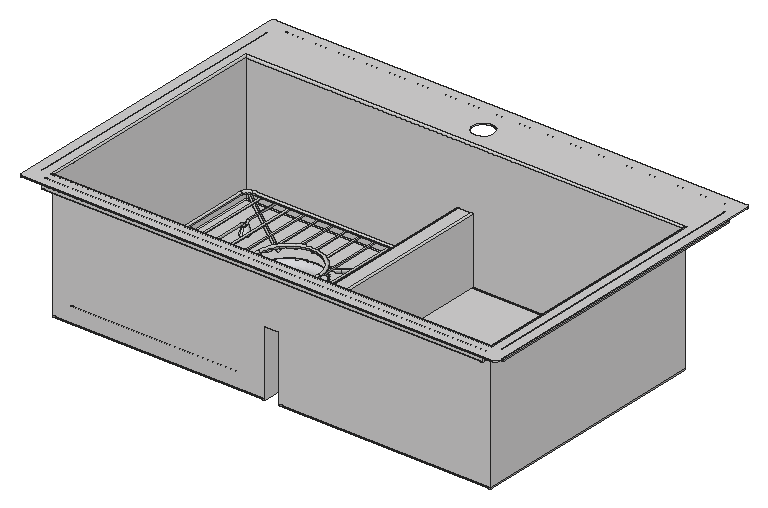
Revit family "Sink-Kitchen-KOHLER-Vault-K-3838_1", category Plumbing Fixtures, host Face, Revit 2015
Parameters (values of type "Single Faucet Hole,NA-Stainless")
  Width = 22"  # constant formula
  WaterSense Certified = 1 = 0  # no
  Waste Water Outlet 2 = "Waste Water Outlet 2"  # constant formula
  Waste Water Outlet 1 = "Waste Water Outlet 1"  # constant formula
  Waste Connection = 1 = 1  # yes
  Vent Connection = 1 = 0  # no
  Under Mount [instance] = no
  URL = "https://www.us.kohler.com/us/"
  Type = 1
  Top Mount [instance] = not(Under Mount)  # yes
  Three Faucet hole = Type = 2  # no
  Single Faucet hole = Type = 1  # yes
  Product Page URL = "http://www.us.kohler.com/us/catalog/productDetails.jsp?productNumber=3838-1"
  Product Name = "Vault"  # constant formula
  Product Documentation Link = "https://www.us.kohler.com/webassets/kpna/catalog/pdf/en/K-3838-1_spec.pdf"
  Model = if(Type = 1, "K-3838-1-NA", if(Type = 2, "K-3838-3-NA", if(Type = 3, "K-3838-4-NA", "NA")))  # "K-3838-1-NA"
  Material = "18-Gauge Stainless Steel"  # constant formula
  MasterFormat 2004 = "22.41.16"  # constant formula
  MasterFormat 1995 = "15410"  # constant formula
  Manufacturer Address = "444 Highland Dr, Kohler, WI 53044"  # constant formula
  Manufacturer = "KOHLER Co."  # constant formula
  Length = 33"  # constant formula
  Hot Water Inlet = "Hot Water Inlet"  # constant formula
  Height = 9 5/16"  # constant formula
  HW Connection = 1 = 0  # no
  Fourth hole = if(Four Faucet hole, 9 1/8", 0")  # 0"
  Four Faucet hole = Type = 3  # no
  Finish = Kohler-Metal-NA-Stainless
  Faucet Hole Spacing = if(or(Four Faucet hole, Three Faucet hole), 8", 0")  # 0"
  Environmental Product Declaration = ""
  Drain Included = 1 = 0  # no
  Description = if(Single Faucet hole, "33Inch x 22Inch x 9-5/16Inch Smart Divide top-/under-mount double-equal bowl kitchen sink with single faucet hole", if(Four Faucet hole, "33Inch x 22Inch x 9-5/16Inch Smart Divide  top-/under-mount double-equal bowl kitchen sink with 4 faucet holes", if(Three Faucet hole, "33Inch x 22Inch x 9-5/16Inch Smart Divide  top-/under-mount double-equal bowl kitchen sink with 3 faucet holes", "NA")))  # "33Inch x 22Inch x 9-5/16Inch Smart Divide top-/under-mount double-equal bowl kitchen sink with single faucet hole"
  Depth [instance] = if(Under Mount, 1 1/16", 0")  # 0"
  Default Elevation = 36"
  Declare Label = ""
  Date Modified = "04/24/2019"  # constant formula
  Date Created = "04/24/2019"  # constant formula
  Copyright = "Copyright KOHLER Co."  # constant formula
  Contact Us = "https://www.us.kohler.com/us/static/contact.jsp"
  Cold Water Inlet = "Cold Water Inlet"  # constant formula
  CW Connection = 1 = 0  # no
  Assembly Code = "D2010400"
  ADA Compliant = 1 = 0  # no
Reference planes
  plane 1 "Center (Front/Back)": y = 0
  plane 2: z = 0
  plane 3 "Center (Left/Right)": x = 0
  plane 4: x = -419.1
  plane 5: x = 419.1
  plane 6: z = -235.318
  plane 7: x = 199.238
  plane 8: x = -199.238
  plane 9: y = 279.4
  plane 10: y = -279.4
  plane 11: z = -108.318
  plane 12: z = -306.248
  plane 13: z = 1.219
  plane 14: z = 0
  plane 15: z = -15.249
  plane 16: x = 0
  plane 17: x = 0
  plane 18: x = 0
  plane 19: y = 217.487
  plane 20: y = 176.212
  plane 21: y = 38.1
Forms (mm)
  Extrusion 1, void
    sketch origin (0, 0, 0) x (1, 0, 0) y (0, 1, 0)
      loop
        line (384.17, 176.212) -> (-384.176, 176.212) -> (-384.176, -246.202) -> (384.17, -246.202) -> (384.17, 176.212)
    from -181.706 to 48.692
  Extrusion 2, void
    sketch origin (0.027, -544.98, 0) x (1, 0, 0) y (0, 1, 0)
      loop
        arc (-404.209, 814.418) -> (-409.063, 812.408) -> (-411.073, 807.554) r 6.864
        line (-411.073, 807.554) -> (-411.073, 278.887)
        arc (-411.073, 278.887) -> (-409.455, 274.979) -> (-405.547, 273.36) r 5.527
        line (-405.547, 273.36) -> (405.814, 273.36)
        arc (405.814, 273.36) -> (409.697, 274.968) -> (411.305, 278.851) r 5.491
        line (411.305, 278.851) -> (411.305, 807.572)
        arc (411.305, 807.572) -> (409.3, 812.413) -> (404.459, 814.418) r 6.846
        line (404.459, 814.418) -> (-404.209, 814.418)
    from -306.248 to 0
Dimensions and locks
  locked: plane 8 to plane 7 at 398.475
  "Width": plane 10 to plane 9
  "Length": plane 4 to plane 5
  locked: plane 6 to plane 12 at 70.93
  locked: plane 13 to plane 14 at 1.219
  "Depth": level to plane 14
  "Height": plane 13 to plane 6
  locked: plane 13 to plane 15 at 16.468
  locked: plane 9 to plane 21 at 241.3
  equal spacing: plane 16, plane 3 "Center (Left/Right)", plane 17
  "Faucet Hole Spacing": plane 16 to plane 17
  "Fourth hole": plane 17 to plane 18
  locked: plane 9 to plane 19 at 61.913
  locked: plane 9 to plane 20 at 103.187
  aligned and locked: plane 2 to host face
  aligned and locked: level to host face
  aligned and locked: plane 14 to nested 1
  aligned and locked: plane 13 to nested 1
  aligned and locked: plane 12 to Extrusion 2
  aligned and locked: plane 14 to Extrusion 2
Automatic sketch dimensions
  host sketch curve to host sketch curve = 96"  (x2)
  Extrusion 1 sketch curve to plane 4 = 1.37494"
  Extrusion 1 sketch curve to plane 5 = 1.37518"
  Extrusion 1 sketch curve to plane 10 = 1.307"
  plane 9 to Extrusion 1 sketch curve = 4 1/16"
  Extrusion 2 sketch curve to plane 10 = 0.30631"
  plane 9 to Extrusion 2 sketch curve = 0.39219"
  Extrusion 2 sketch curve to plane 4 = 0.31707"
  Extrusion 2 sketch curve to plane 4 = 0.53466"
  Extrusion 2 sketch curve to plane 4 = 0.58732"
  Extrusion 2 sketch curve to plane 5 = 0.57535"
  Extrusion 2 sketch curve to plane 5 = 0.52202"
  Extrusion 2 sketch curve to plane 5 = 0.30582"
Nested families
  nested 1: "K-3838" at (0, 38.1, 0), type "K-3838"
Connectors
  piping at (-199.238, 38.1, -306.248), diameter 38.1, driven by "Waste Connection", driven by "Waste Water Outlet 1"
    settings: on nested 1, index 1, connector inside diameter 24", connector length 0", flow factor 0, pipe flow 0 GPM, pressure drop 0.00 psi, fitting loss kfactor 0, connector angle 0.00°, fixture units 0, engagement length 0", angle of deflection 0.00°, flow configuration 0, flow direction 2, fitting loss method 0, system type 16, joint type 0, gender type 0, connector reference index -1, connector utility 1, adjustable connector no, is connector primary yes, connector description "Waste Water Outlet 1"
  piping at (199.238, 38.1, -306.248), diameter 38.1, driven by "Waste Connection", driven by "Waste Water Outlet 2"
    settings: on nested 1, index 2, connector inside diameter 24", connector length 0", flow factor 0, pipe flow 0 GPM, pressure drop 0.00 psi, fitting loss kfactor 0, connector angle 0.00°, fixture units 0, engagement length 0", angle of deflection 0.00°, flow configuration 0, flow direction 2, fitting loss method 0, system type 16, joint type 0, gender type 0, connector reference index -1, connector utility 1, adjustable connector no, is connector primary no, connector description "Waste Water Outlet 2"
Definition of nested family "K-3838"
  Parameters (values of type "K-3838")
    Three Faucet hole = no
    Material = none
    Four Faucet hole = no
    Dist2 = if(Four Faucet hole, 0", 4")  # 4"
    Dist1 = if(or(Three Faucet hole, Four Faucet hole), 0", 4")  # 4"
  Reference planes
    plane 1 "Center (Front/Back)": y = 0
    plane 2: z = 0
    plane 3 "Center (Left/Right)": x = 0
    plane 4: x = -419.1
    plane 5: x = 419.1
    plane 6: y = 241.3
    plane 7: y = -317.5
    plane 8: x = -199.238
    plane 9: x = 333.375
    plane 10: x = 101.6
    plane 11: x = -101.6
    plane 12: x = 199.238
    plane 13: x = 333.375
    plane 14: z = -235.318
    plane 15: z = 1.219
    plane 16: z = -108.318
    plane 17: y = 77.787
    plane 18: y = 77.787
    plane 19: z = -306.248
    plane 20: y = 179.387
    plane 21: y = 138.112
    plane 22: y = -38.1
  Forms (mm)
    Extrusion 1, solid, material <- "Material", detail levels medium+fine
      sketch origin (0, 0, 0) x (1, 0, 0) y (0, 1, 0)
        loop
          line (-419.1, 234.435) -> (-419.1, -311.967)
          arc (-419.1, -311.967) -> (-417.479, -315.879) -> (-413.567, -317.5) r 5.533
          line (-413.567, -317.5) -> (413.581, -317.5)
          arc (413.581, -317.5) -> (417.484, -315.884) -> (419.1, -311.981) r 5.519
          line (419.1, -311.981) -> (419.1, 234.179)
          arc (419.1, 234.179) -> (417.014, 239.214) -> (411.979, 241.3) r 7.121
          line (411.979, 241.3) -> (-412.235, 241.3)
          arc (-412.235, 241.3) -> (-417.089, 239.289) -> (-419.1, 234.435) r 6.865
        loop
          line (-388.105, 142.042) -> (-388.105, -288.232) -> (388.105, -288.232) -> (388.105, 142.042) -> (-388.105, 142.042)
      from 0 to 1.219
    Sweep 2, solid, material <- "Material", detail levels medium+fine
      path origin (0, 0, 0) x (1, 0, 0) y (0, 1, 0)
        loop
          line (384.175, -284.302) -> (384.175, 138.112) -> (-384.175, 138.112) -> (-384.175, -284.302) -> (384.175, -284.302)
      profile origin (384.175, -73.095, 0) x (-1, 0, 0) y (0, 0, 1)
        loop
          line (-1.219, -1.593) -> (-1.219, -222.559)
          arc (-1.219, -222.559) -> (-0.388, -224.565) -> (1.618, -225.397) r 2.838
          line (1.618, -225.397) -> (2.593, -225.397) -> (2.593, -224.117) -> (1.51, -224.117)
          arc (1.51, -224.117) -> (0.442, -223.675) -> (0, -222.607) r 1.51
          line (0, -222.607) -> (0, -1.561)
          arc (0, -1.561) -> (-0.814, 0.405) -> (-2.78, 1.219) r 2.78
          line (-2.78, 1.219) -> (-3.93, 1.219) -> (-3.93, 0) -> (-2.812, 0)
          arc (-2.812, 0) -> (-1.686, -0.467) -> (-1.219, -1.593) r 1.593
    Extrusion 3, void
      sketch origin (0, 0, 0) x (1, 0, 0) y (0, 0, 1)
        loop
          line (-13.068, -229.76) -> (13.068, -229.76) -> (13.068, -109.874)
          arc (13.068, -109.874) -> (12.613, -108.774) -> (11.512, -108.318) r 1.556
          line (11.512, -108.318) -> (-11.501, -108.318)
          arc (-11.501, -108.318) -> (-12.609, -108.777) -> (-13.068, -109.885) r 1.567
          line (-13.068, -109.885) -> (-13.068, -229.76)
      from -152.89 to 304.8
    Revolve 4, solid, material <- "Material", detail levels medium+fine
      sketch origin (0, 0, 0) x (-1, 0, 0) y (0, 0, 1)
        loop
          line (199.238, -306.248) -> (222.253, -306.248) -> (226.192, -299.426)
          arc (226.192, -299.426) -> (226.352, -299.04) -> (226.406, -298.626) r 1.599
          line (226.406, -298.626) -> (226.406, -291.937)
          arc (226.406, -291.937) -> (226.179, -291.388) -> (225.629, -291.16) r 0.777
          line (225.629, -291.16) -> (223.554, -291.16)
          arc (223.554, -291.16) -> (223.162, -290.998) -> (222.999, -290.606) r 0.555
          line (222.999, -290.606) -> (222.999, -281.415)
          arc (222.999, -281.415) -> (224.748, -275.868) -> (229.362, -272.328) r 9.67
          line (229.362, -272.328) -> (238.797, -268.894)
          arc (238.797, -268.894) -> (240.095, -268.017) -> (240.827, -266.633) r 3.228
          arc (240.827, -266.633) -> (241.139, -265.854) -> (241.652, -265.192) r 3.015
          arc (241.652, -265.192) -> (241.93, -264.785) -> (242.028, -264.303) r 1.239
          line (242.028, -264.303) -> (242.028, -258.155)
          arc (242.028, -258.155) -> (242.188, -257.767) -> (242.575, -257.607) r 0.548
          line (242.575, -257.607) -> (255.17, -257.607)
          arc (255.17, -257.607) -> (256.008, -257.26) -> (256.356, -256.421) r 1.185
          line (256.356, -256.421) -> (256.356, -232.207) -> (199.238, -232.207) -> (199.238, -306.248)
        axis (199.238, -306.248) -> (199.238, -232.207)
      angle from 0 to 360
    Extrusion 5, solid, material <- "Material", detail levels medium+fine
      sketch origin (0, 0, 0) x (1, 0, 0) y (0, 0, 1)
        loop
          line (-14.288, -224.117) -> (14.288, -224.117) -> (14.288, -110.128)
          arc (14.288, -110.128) -> (13.445, -108.093) -> (11.41, -107.25) r 2.877
          line (11.41, -107.25) -> (-11.457, -107.25)
          arc (-11.457, -107.25) -> (-13.458, -108.079) -> (-14.288, -110.081) r 2.831
          line (-14.288, -110.081) -> (-14.288, -224.117)
      from -141.217 to 284.302
    Blend 6, solid, material <- "Material", detail levels medium+fine
      base sketch origin (0, 0, 0) x (1, 0, 0) y (0, 1, 0)
        loop
          arc (244.326, 35.064) -> (198.033, 57.105) -> (152.71, 33.131) r 57.118
          arc (152.71, 33.131) -> (142.857, -9.151) -> (165.578, -46.146) r 57.118
          arc (165.578, -46.146) -> (197.978, -57.104) -> (230.829, -47.586) r 57.118
          arc (230.829, -47.586) -> (255.609, -9.205) -> (244.326, 35.064) r 57.118
      top sketch origin (0, 0, 0) x (1, 0, 0) y (0, 1, 0)
        loop
          line (381.582, 134.694) -> (13.068, 134.694) -> (13.068, -281.709) -> (381.582, -281.709) -> (381.582, 134.694)
      from -235.318 to -225.397
    Blend 7, solid, material <- "Material", detail levels medium+fine
      base sketch origin (0, 0, 0) x (-1, 0, 0) y (0, -1, 0)
        loop
          arc (244.326, -35.064) -> (255.609, 9.205) -> (230.829, 47.586) r 57.118
          arc (230.829, 47.586) -> (197.978, 57.104) -> (165.578, 46.146) r 57.118
          arc (165.578, 46.146) -> (142.857, 9.151) -> (152.71, -33.131) r 57.118
          arc (152.71, -33.131) -> (198.033, -57.105) -> (244.326, -35.064) r 57.118
      top sketch origin (0, 0, 0) x (-1, 0, 0) y (0, -1, 0)
        loop
          line (381.582, -134.694) -> (381.582, 281.709) -> (13.068, 281.709) -> (13.068, -134.694) -> (381.582, -134.694)
      from -235.318 to -225.397
    Extrusion 8, solid, material <- "Material", detail levels medium+fine
      sketch origin (0, 0, 0) x (1, 0, 0) y (0, 0, 1)
        loop
          line (396.875, -5.442) -> (396.875, -13.795)
          arc (396.875, -13.795) -> (398.329, -15.249) -> (399.782, -13.795) r 1.454
          line (399.782, -13.795) -> (399.782, -9.779) -> (398.971, -9.779) -> (398.971, -13.811)
          arc (398.971, -13.811) -> (398.291, -14.453) -> (397.637, -13.799) r 0.654
          line (397.637, -13.799) -> (397.637, -6.687)
          arc (397.637, -6.687) -> (397.823, -5.272) -> (398.368, -3.952) r 5.479
          line (398.368, -3.952) -> (399.989, -1.138)
          arc (399.989, -1.138) -> (400.264, -0.863) -> (400.639, -0.762) r 0.75
          line (400.639, -0.762) -> (403.881, -0.762)
          arc (403.881, -0.762) -> (404.278, -0.869) -> (404.568, -1.16) r 0.794
          line (404.568, -1.16) -> (406.154, -3.913)
          arc (406.154, -3.913) -> (406.697, -5.227) -> (406.883, -6.637) r 5.457
          line (406.883, -6.637) -> (406.883, -13.799)
          arc (406.883, -13.799) -> (406.229, -14.453) -> (405.575, -13.799) r 0.654
          line (405.575, -13.799) -> (405.575, -9.779) -> (404.737, -9.779) -> (404.737, -13.782)
          arc (404.737, -13.782) -> (406.204, -15.248) -> (407.67, -13.782) r 1.466
          line (407.67, -13.782) -> (407.67, -5.457)
          arc (407.67, -5.457) -> (407.614, -5.033) -> (407.451, -4.638) r 1.64
          line (407.451, -4.638) -> (405.157, -0.655)
          arc (405.157, -0.655) -> (404.678, -0.176) -> (404.024, 0) r 1.308
          line (404.024, 0) -> (400.511, 0)
          arc (400.511, 0) -> (399.865, -0.173) -> (399.393, -0.647) r 1.291
          line (399.393, -0.647) -> (397.087, -4.651)
          arc (397.087, -4.651) -> (396.929, -5.032) -> (396.875, -5.442) r 1.586
      from -209.042 to 286.258
    Extrusion 9, solid, material <- "Material", detail levels medium+fine
      sketch origin (0, 0, 0) x (-1, 0, 0) y (0, 0, -1)
        loop
          arc (396.875, 5.442) -> (396.929, 5.032) -> (397.087, 4.651) r 1.586
          line (397.087, 4.651) -> (399.393, 0.647)
          arc (399.393, 0.647) -> (399.865, 0.173) -> (400.511, 0) r 1.291
          line (400.511, 0) -> (404.024, 0)
          arc (404.024, 0) -> (404.678, 0.176) -> (405.157, 0.655) r 1.308
          line (405.157, 0.655) -> (407.451, 4.638)
          arc (407.451, 4.638) -> (407.614, 5.033) -> (407.67, 5.457) r 1.64
          line (407.67, 5.457) -> (407.67, 13.782)
          arc (407.67, 13.782) -> (406.204, 15.248) -> (404.737, 13.782) r 1.466
          line (404.737, 13.782) -> (404.737, 9.779) -> (405.575, 9.779) -> (405.575, 13.799)
          arc (405.575, 13.799) -> (406.229, 14.453) -> (406.883, 13.799) r 0.654
          line (406.883, 13.799) -> (406.883, 6.637)
          arc (406.883, 6.637) -> (406.697, 5.227) -> (406.154, 3.913) r 5.457
          line (406.154, 3.913) -> (404.568, 1.16)
          arc (404.568, 1.16) -> (404.278, 0.869) -> (403.881, 0.762) r 0.794
          line (403.881, 0.762) -> (400.639, 0.762)
          arc (400.639, 0.762) -> (400.264, 0.863) -> (399.989, 1.138) r 0.75
          line (399.989, 1.138) -> (398.368, 3.952)
          arc (398.368, 3.952) -> (397.823, 5.272) -> (397.637, 6.687) r 5.479
          line (397.637, 6.687) -> (397.637, 13.799)
          arc (397.637, 13.799) -> (398.291, 14.453) -> (398.971, 13.811) r 0.654
          line (398.971, 13.811) -> (398.971, 9.779) -> (399.782, 9.779) -> (399.782, 13.795)
          arc (399.782, 13.795) -> (398.329, 15.249) -> (396.875, 13.795) r 1.454
          line (396.875, 13.795) -> (396.875, 5.442)
      from -209.042 to 286.258
    Extrusion 10, solid, material <- "Material", detail levels medium+fine
      sketch origin (0, 0, 0) x (1, 0, 0) y (0, 1, 0)
        loop
          line (-381.582, 135.519) -> (-381.582, -281.709) -> (-14.288, -281.709) -> (-14.288, 135.519) -> (-381.582, 135.519)
      from -225.397 to -224.117
    Extrusion 11, solid, material <- "Material", detail levels medium+fine
      sketch origin (0, 0, 0) x (-1, 0, 0) y (0, -1, 0)
        loop
          line (-381.582, -135.519) -> (-14.288, -135.519) -> (-14.288, 281.709) -> (-381.582, 281.709) -> (-381.582, -135.519)
      from -225.397 to -224.117
    Extrusion 12, solid, material <- "Material", detail levels medium+fine
      sketch origin (440.88, 626.25, 0) x (0, -1, 0) y (0, 0, 1)
        loop
          line (396.875, -5.442) -> (396.875, -13.795)
          arc (396.875, -13.795) -> (398.329, -15.249) -> (399.782, -13.795) r 1.454
          line (399.782, -13.795) -> (399.782, -9.779) -> (398.971, -9.779) -> (398.971, -13.811)
          arc (398.971, -13.811) -> (398.291, -14.453) -> (397.637, -13.799) r 0.654
          line (397.637, -13.799) -> (397.637, -6.687)
          arc (397.637, -6.687) -> (397.823, -5.272) -> (398.368, -3.952) r 5.479
          line (398.368, -3.952) -> (399.989, -1.138)
          arc (399.989, -1.138) -> (400.264, -0.863) -> (400.639, -0.762) r 0.75
          line (400.639, -0.762) -> (403.881, -0.762)
          arc (403.881, -0.762) -> (404.278, -0.869) -> (404.568, -1.16) r 0.794
          line (404.568, -1.16) -> (406.154, -3.913)
          arc (406.154, -3.913) -> (406.697, -5.227) -> (406.883, -6.637) r 5.457
          line (406.883, -6.637) -> (406.883, -13.799)
          arc (406.883, -13.799) -> (406.229, -14.453) -> (405.575, -13.799) r 0.654
          line (405.575, -13.799) -> (405.575, -9.779) -> (404.737, -9.779) -> (404.737, -13.782)
          arc (404.737, -13.782) -> (406.204, -15.248) -> (407.67, -13.782) r 1.466
          line (407.67, -13.782) -> (407.67, -5.457)
          arc (407.67, -5.457) -> (407.614, -5.033) -> (407.451, -4.638) r 1.64
          line (407.451, -4.638) -> (405.157, -0.655)
          arc (405.157, -0.655) -> (404.678, -0.176) -> (404.024, 0) r 1.308
          line (404.024, 0) -> (400.511, 0)
          arc (400.511, 0) -> (399.865, -0.173) -> (399.393, -0.647) r 1.291
          line (399.393, -0.647) -> (397.087, -4.651)
          arc (397.087, -4.651) -> (396.929, -5.032) -> (396.875, -5.442) r 1.586
      from 53.53 to 828.23
    Extrusion 13, solid, material <- "Material", detail levels medium+fine
      sketch origin (440.88, -703.462, 0) x (0, 1, 0) y (0, 0, -1)
        loop
          arc (396.875, 5.442) -> (396.929, 5.032) -> (397.087, 4.651) r 1.586
          line (397.087, 4.651) -> (399.393, 0.647)
          arc (399.393, 0.647) -> (399.865, 0.173) -> (400.511, 0) r 1.291
          line (400.511, 0) -> (404.024, 0)
          arc (404.024, 0) -> (404.678, 0.176) -> (405.157, 0.655) r 1.308
          line (405.157, 0.655) -> (407.451, 4.638)
          arc (407.451, 4.638) -> (407.614, 5.033) -> (407.67, 5.457) r 1.64
          line (407.67, 5.457) -> (407.67, 13.782)
          arc (407.67, 13.782) -> (406.204, 15.248) -> (404.737, 13.782) r 1.466
          line (404.737, 13.782) -> (404.737, 9.779) -> (405.575, 9.779) -> (405.575, 13.799)
          arc (405.575, 13.799) -> (406.229, 14.453) -> (406.883, 13.799) r 0.654
          line (406.883, 13.799) -> (406.883, 6.637)
          arc (406.883, 6.637) -> (406.697, 5.227) -> (406.154, 3.913) r 5.457
          line (406.154, 3.913) -> (404.568, 1.16)
          arc (404.568, 1.16) -> (404.278, 0.869) -> (403.881, 0.762) r 0.794
          line (403.881, 0.762) -> (400.639, 0.762)
          arc (400.639, 0.762) -> (400.264, 0.863) -> (399.989, 1.138) r 0.75
          line (399.989, 1.138) -> (398.368, 3.952)
          arc (398.368, 3.952) -> (397.823, 5.272) -> (397.637, 6.687) r 5.479
          line (397.637, 6.687) -> (397.637, 13.799)
          arc (397.637, 13.799) -> (398.291, 14.453) -> (398.971, 13.811) r 0.654
          line (398.971, 13.811) -> (398.971, 9.779) -> (399.782, 9.779) -> (399.782, 13.795)
          arc (399.782, 13.795) -> (398.329, 15.249) -> (396.875, 13.795) r 1.454
          line (396.875, 13.795) -> (396.875, 5.442)
      from 53.53 to 828.23
    Revolve 14, void
      sketch origin (0, 0, 0) x (1, 0, 0) y (0, 0, 1)
        loop
          line (-199.238, -242.262) -> (-199.238, -224.117) -> (-256.692, -224.117)
          arc (-256.692, -224.117) -> (-246.166, -230.137) -> (-246.016, -242.262) r 12.213
          line (-246.016, -242.262) -> (-199.238, -242.262)
        axis (-199.238, -242.262) -> (-199.238, -224.117)
      angle from 0 to 360
    Extrusion 15, void
      sketch origin (0, 0, 0) x (1, 0, 0) y (0, 1, 0)
        loop
          circle (-199.238, 32.53) r 2.404
        loop
          circle (-206.489, 31.787) r 2.404
        loop
          circle (-213.362, 29.287) r 2.404
        loop
          circle (-219.602, 25.387) r 2.404
        loop
          circle (-224.686, 20.303) r 2.404
        loop
          circle (-228.506, 14.182) r 2.404
        loop
          circle (-230.99, 7.232) r 2.404
        loop
          circle (-222.285, 7.431) r 2.404
        loop
          circle (-213.003, 7.945) r 2.404
        loop
          circle (-207.22, 13.728) r 2.404
        loop
          circle (-218.913, 14.323) r 2.404
        loop
          circle (-213.583, 19.653) r 2.404
        loop
          circle (-206.779, 23.069) r 2.404
        loop
          circle (-199.238, 24.257) r 2.404
        loop
          circle (-199.238, -32.53) r 2.404
        loop
          circle (-206.489, -31.787) r 2.404
        loop
          circle (-213.362, -29.287) r 2.404
        loop
          circle (-219.602, -25.387) r 2.404
        loop
          circle (-224.686, -20.303) r 2.404
        loop
          circle (-228.506, -14.182) r 2.404
        loop
          circle (-230.99, -7.232) r 2.404
        loop
          circle (-222.285, -7.431) r 2.404
        loop
          circle (-213.003, -7.945) r 2.404
        loop
          circle (-207.22, -13.728) r 2.404
        loop
          circle (-218.913, -14.323) r 2.404
        loop
          circle (-213.583, -19.653) r 2.404
        loop
          circle (-206.779, -23.069) r 2.404
        loop
          circle (-199.238, -24.257) r 2.404
        loop
          circle (-231.821, 0) r 2.404
        loop
          circle (-223.437, 0) r 2.404
        loop
          circle (-215.071, 0) r 2.404
        loop
          circle (-191.986, 31.787) r 2.404
        loop
          circle (-185.114, 29.287) r 2.404
        loop
          circle (-178.873, 25.387) r 2.404
        loop
          circle (-173.789, 20.303) r 2.404
        loop
          circle (-169.969, 14.182) r 2.404
        loop
          circle (-167.485, 7.232) r 2.404
        loop
          circle (-176.19, 7.431) r 2.404
        loop
          circle (-185.473, 7.945) r 2.404
        loop
          circle (-191.255, 13.728) r 2.404
        loop
          circle (-179.562, 14.323) r 2.404
        loop
          circle (-184.892, 19.653) r 2.404
        loop
          circle (-191.696, 23.069) r 2.404
        loop
          circle (-191.986, -31.787) r 2.404
        loop
          circle (-185.114, -29.287) r 2.404
        loop
          circle (-178.873, -25.387) r 2.404
        loop
          circle (-173.789, -20.303) r 2.404
        loop
          circle (-169.969, -14.182) r 2.404
        loop
          circle (-167.485, -7.232) r 2.404
        loop
          circle (-176.19, -7.431) r 2.404
        loop
          circle (-185.473, -7.945) r 2.404
        loop
          circle (-191.255, -13.728) r 2.404
        loop
          circle (-179.562, -14.323) r 2.404
        loop
          circle (-184.892, -19.653) r 2.404
        loop
          circle (-191.696, -23.069) r 2.404
        loop
          circle (-166.654, 0) r 2.404
        loop
          circle (-175.039, 0) r 2.404
        loop
          circle (-183.404, 0) r 2.404
        loop
          circle (-199.238, -15.908) r 2.404
        loop
          circle (-199.238, 15.908) r 2.404
      from -257.607 to -218.126
    Revolve 16, solid, detail levels medium+fine
      sketch origin (0, 0, 0) x (-1, 0, 0) y (0, 0, 1)
        loop
          line (-199.238, -217.848) -> (-199.238, -241.051) -> (-154.294, -241.051) -> (-154.294, -236.331)
          arc (-154.294, -236.331) -> (-151.74, -228.732) -> (-145.115, -224.218) r 12.582
          arc (-145.115, -224.218) -> (-144.645, -223.516) -> (-145.265, -222.943) r 0.65
          arc (-145.265, -222.943) -> (-153.844, -226.203) -> (-157.44, -234.647) r 11.713
          line (-157.44, -234.647) -> (-157.44, -237.817)
          arc (-157.44, -237.817) -> (-157.681, -238.399) -> (-158.263, -238.64) r 0.823
          line (-158.263, -238.64) -> (-195.555, -238.64) -> (-195.555, -221.063) -> (-193.014, -221.063)
          arc (-193.014, -221.063) -> (-192.198, -220.442) -> (-192.578, -219.49) r 0.847
          arc (-192.578, -219.49) -> (-195.784, -218.168) -> (-199.238, -217.848) r 11.665
        axis (-199.238, -241.051) -> (-199.238, -217.848)
      angle from 0 to 360
    Extrusion 17, void
      sketch origin (0, 0, 0) x (-1, 0, 0) y (0, -1, 0)
        loop
          circle (-199.238, -32.53) r 2.404
        loop
          circle (-206.489, -31.787) r 2.404
        loop
          circle (-213.362, -29.287) r 2.404
        loop
          circle (-219.602, -25.387) r 2.404
        loop
          circle (-224.686, -20.303) r 2.404
        loop
          circle (-228.506, -14.182) r 2.404
        loop
          circle (-230.99, -7.232) r 2.404
        loop
          circle (-222.285, -7.431) r 2.404
        loop
          circle (-213.003, -7.945) r 2.404
        loop
          circle (-207.22, -13.728) r 2.404
        loop
          circle (-218.913, -14.323) r 2.404
        loop
          circle (-213.583, -19.653) r 2.404
        loop
          circle (-206.779, -23.069) r 2.404
        loop
          circle (-199.238, -24.257) r 2.404
        loop
          circle (-199.238, 32.53) r 2.404
        loop
          circle (-206.489, 31.787) r 2.404
        loop
          circle (-213.362, 29.287) r 2.404
        loop
          circle (-219.602, 25.387) r 2.404
        loop
          circle (-224.686, 20.303) r 2.404
        loop
          circle (-228.506, 14.182) r 2.404
        loop
          circle (-230.99, 7.232) r 2.404
        loop
          circle (-222.285, 7.431) r 2.404
        loop
          circle (-213.003, 7.945) r 2.404
        loop
          circle (-207.22, 13.728) r 2.404
        loop
          circle (-218.913, 14.323) r 2.404
        loop
          circle (-213.583, 19.653) r 2.404
        loop
          circle (-206.779, 23.069) r 2.404
        loop
          circle (-199.238, 24.257) r 2.404
        loop
          circle (-231.821, 0) r 2.404
        loop
          circle (-223.437, 0) r 2.404
        loop
          circle (-215.071, 0) r 2.404
        loop
          circle (-191.986, -31.787) r 2.404
        loop
          circle (-185.114, -29.287) r 2.404
        loop
          circle (-178.873, -25.387) r 2.404
        loop
          circle (-173.789, -20.303) r 2.404
        loop
          circle (-169.969, -14.182) r 2.404
        loop
          circle (-167.485, -7.232) r 2.404
        loop
          circle (-176.19, -7.431) r 2.404
        loop
          circle (-185.473, -7.945) r 2.404
        loop
          circle (-191.255, -13.728) r 2.404
        loop
          circle (-179.562, -14.323) r 2.404
        loop
          circle (-184.892, -19.653) r 2.404
        loop
          circle (-191.696, -23.069) r 2.404
        loop
          circle (-191.986, 31.787) r 2.404
        loop
          circle (-185.114, 29.287) r 2.404
        loop
          circle (-178.873, 25.387) r 2.404
        loop
          circle (-173.789, 20.303) r 2.404
        loop
          circle (-169.969, 14.182) r 2.404
        loop
          circle (-167.485, 7.232) r 2.404
        loop
          circle (-176.19, 7.431) r 2.404
        loop
          circle (-185.473, 7.945) r 2.404
        loop
          circle (-191.255, 13.728) r 2.404
        loop
          circle (-179.562, 14.323) r 2.404
        loop
          circle (-184.892, 19.653) r 2.404
        loop
          circle (-191.696, 23.069) r 2.404
        loop
          circle (-166.654, 0) r 2.404
        loop
          circle (-175.039, 0) r 2.404
        loop
          circle (-183.404, 0) r 2.404
      from -257.607 to -218.126
    Revolve 18, solid, detail levels medium+fine
      sketch origin (0, 0, 0) x (1, 0, 0) y (0, 0, 1)
        loop
          arc (-199.238, -217.848) -> (-202.691, -218.168) -> (-205.897, -219.49) r 11.665
          arc (-205.897, -219.49) -> (-206.277, -220.442) -> (-205.462, -221.063) r 0.847
          line (-205.462, -221.063) -> (-202.92, -221.063) -> (-202.92, -238.64) -> (-240.212, -238.64)
          arc (-240.212, -238.64) -> (-240.794, -238.399) -> (-241.035, -237.817) r 0.823
          line (-241.035, -237.817) -> (-241.035, -234.647)
          arc (-241.035, -234.647) -> (-244.631, -226.203) -> (-253.21, -222.943) r 11.713
          arc (-253.21, -222.943) -> (-253.83, -223.516) -> (-253.36, -224.218) r 0.65
          arc (-253.36, -224.218) -> (-246.735, -228.732) -> (-244.181, -236.331) r 12.582
          line (-244.181, -236.331) -> (-244.181, -241.051) -> (-199.238, -241.051) -> (-199.238, -217.848)
        axis (-199.238, -241.051) -> (-199.238, -217.848)
      angle from 0 to 360
    Revolve 19, solid, material <- "Material", detail levels medium+fine
      sketch origin (0, 0, 0) x (1, 0, 0) y (0, 0, 1)
        loop
          line (199.238, -306.248) -> (222.253, -306.248) -> (226.192, -299.426)
          arc (226.192, -299.426) -> (226.352, -299.04) -> (226.406, -298.626) r 1.599
          line (226.406, -298.626) -> (226.406, -291.937)
          arc (226.406, -291.937) -> (226.179, -291.388) -> (225.629, -291.16) r 0.777
          line (225.629, -291.16) -> (223.554, -291.16)
          arc (223.554, -291.16) -> (223.162, -290.998) -> (222.999, -290.606) r 0.555
          line (222.999, -290.606) -> (222.999, -281.415)
          arc (222.999, -281.415) -> (224.748, -275.868) -> (229.362, -272.328) r 9.67
          line (229.362, -272.328) -> (238.797, -268.894)
          arc (238.797, -268.894) -> (240.095, -268.017) -> (240.827, -266.633) r 3.228
          arc (240.827, -266.633) -> (241.139, -265.854) -> (241.652, -265.192) r 3.015
          arc (241.652, -265.192) -> (241.93, -264.785) -> (242.028, -264.303) r 1.239
          line (242.028, -264.303) -> (242.028, -258.155)
          arc (242.028, -258.155) -> (242.188, -257.767) -> (242.575, -257.607) r 0.548
          line (242.575, -257.607) -> (255.17, -257.607)
          arc (255.17, -257.607) -> (256.008, -257.26) -> (256.356, -256.421) r 1.185
          line (256.356, -256.421) -> (256.356, -232.207) -> (199.238, -232.207) -> (199.238, -306.248)
        axis (199.238, -306.248) -> (199.238, -232.207)
      angle from 0 to 360
    Sweep 20, solid, material <- "Material", detail levels medium+fine
      path origin (0, 0, 0) x (1, 0, 0) y (0, 1, 0)
        loop
          line (-374.667, 113.893) -> (-374.667, -260.368)
          arc (-374.667, -260.368) -> (-370.948, -269.348) -> (-361.967, -273.068) r 12.7
          line (-361.967, -273.068) -> (-36.508, -273.068)
          arc (-36.508, -273.068) -> (-27.528, -269.348) -> (-23.808, -260.368) r 12.7
          line (-23.808, -260.368) -> (-23.808, 113.893)
          arc (-23.808, 113.893) -> (-27.528, 122.873) -> (-36.508, 126.593) r 12.7
          line (-36.508, 126.593) -> (-361.967, 126.593)
          arc (-361.967, 126.593) -> (-370.948, 122.873) -> (-374.667, 113.893) r 12.7
      profile origin (-374.667, -73.238, 0) x (1, 0, 0) y (0, 0, 1)
        loop
          circle (-0.006, -201.836) r 2.397
    Sweep 21, solid, material <- "Material", detail levels medium+fine
      path origin (0, 0, 0) x (1, 0, 0) y (0, 1, 0)
        loop
          circle (-199.238, 0) r 53.14
      profile origin (-146.098, 0, 0) x (-1, 0, 0) y (0, 0, 1)
        loop
          circle (-0.042, -201.857) r 2.362
    Sweep 22, solid, material <- "Material", detail levels medium+fine
      path origin (-141.633, 90.214, 0) x (-0.537229, -0.843436, 0) y (0, 0, 1)
        loop
          line (427.634, -206.196) -> (403.681, -209.562) -> (180.335, -209.562) -> (160.258, -206.741)
      profile origin (-364.936, -260.367, -207.879) x (-0.074768, -0.117384, -0.990268) y (-0.843436, 0.537229, 0)
        loop
          circle (0, 0) r 2.385
    Sweep 23, solid, material <- "Material", detail levels medium+fine
      path origin (-256.842, 90.214, 0) x (0.537229, -0.843436, 0) y (0, 0, -1)
        loop
          line (427.634, 206.196) -> (403.681, 209.562) -> (180.335, 209.562) -> (160.258, 206.741)
      profile origin (-33.539, -260.367, -207.879) x (-0.074768, 0.117384, 0.990268) y (0.843436, 0.537229, 0)
        loop
          circle (0, 0) r 2.385
    Sweep 24, solid, material <- "Material", detail levels medium+fine
      path origin (-72.358, -96.022, -1.191) x (-0.798636, 0.601815, 0) y (0, 0, 1)
        loop
          line (370.513, -206.77) -> (345.252, -209.425) -> (232.45, -209.425) -> (212.277, -206.59)
      profile origin (-358.176, 119.357, -209.288) x (-0.08348, 0.062907, -0.994522) y (0.601815, 0.798636, 0)
        loop
          circle (0, 0) r 2.394
    Sweep 25, solid, material <- "Material", detail levels medium+fine
      path origin (-326.118, -96.022, -1.191) x (0.798636, 0.601815, 0) y (0, 0, -1)
        loop
          line (370.513, 206.77) -> (345.252, 209.425) -> (232.45, 209.425) -> (212.277, 206.59)
      profile origin (-40.3, 119.357, -209.288) x (-0.08348, -0.062907, 0.994522) y (-0.601815, 0.798636, 0)
        loop
          circle (0, 0) r 2.394
    Sweep 26, solid, material <- "Material", detail levels medium+fine
      path origin (0, 0, 0) x (1, 0, 0) y (0, 0, 1)
        loop
          line (-376.302, -206.22) -> (-357.062, -209.267) -> (-262.231, -209.267) -> (-250.491, -206.34)
      profile origin (-366.682, 0, -207.743) x (0.156434, 0, 0.987688) y (0, -1, 0)
        loop
          circle (0, 0) r 2.383
    Sweep 27, solid, material <- "Material", detail levels medium+fine
      path origin (-398.475, 0, 0) x (-1, 0, 0) y (0, 0, 1)
        loop
          line (-376.302, -206.22) -> (-357.062, -209.267) -> (-262.231, -209.267) -> (-250.491, -206.34)
      profile origin (-31.794, 0, -207.743) x (0.156434, 0, -0.987688) y (0, -1, 0)
        loop
          circle (0, 0) r 2.383
    Extrusion 28, solid, material <- "Material", detail levels medium+fine
      sketch origin (0, 0, 0) x (1, 0, 0) y (0, 0, 1)
        loop
          circle (-348.653, -205.573) r 1.339
        loop
          circle (-298.811, -205.573) r 1.339
        loop
          circle (-273.936, -205.573) r 1.339
        loop
          circle (-249.087, -205.573) r 1.339
        loop
          circle (-224.254, -205.573) r 1.339
        loop
          circle (-199.296, -205.573) r 1.339
        loop
          circle (-174.361, -205.573) r 1.339
        loop
          circle (-149.395, -205.573) r 1.339
        loop
          circle (-124.512, -205.573) r 1.339
        loop
          circle (-99.568, -205.573) r 1.339
        loop
          circle (-49.758, -205.573) r 1.339
      from -127 to 273.05
    Blend 29, solid, detail levels medium+fine
      base sketch origin (0, 0, 0) x (1, 0, 0) y (0, 1, 0)
        loop
          arc (-326.216, 68.11) -> (-332.033, 59.951) -> (-325.742, 52.153) r 8.288
          arc (-325.742, 52.153) -> (-323.713, 51.909) -> (-321.687, 52.17) r 8.288
          arc (-321.687, 52.17) -> (-315.46, 60.211) -> (-321.713, 68.232) r 8.288
          arc (-321.713, 68.232) -> (-323.973, 68.483) -> (-326.216, 68.11) r 8.288
      top sketch origin (0, 0, 0) x (1, 0, 0) y (0, 1, 0)
        loop
          arc (-325.287, 65.591) -> (-327.487, 60.175) -> (-325.255, 54.771) r 7.712
          arc (-325.255, 54.771) -> (-323.775, 54.153) -> (-322.294, 54.771) r 2.084
          arc (-322.294, 54.771) -> (-320.062, 60.175) -> (-322.262, 65.591) r 7.712
          arc (-322.262, 65.591) -> (-323.775, 66.227) -> (-325.287, 65.591) r 2.116
      from -224.086 to -211.741
    Sweep 30, solid, material <- "Material", detail levels medium+fine
      path origin (0, 0, 0) x (0, 1, 0) y (0, 0, 1)
        loop
          line (-273.05, -205.573) -> (-251.903, -205.573)
          arc (-251.903, -205.573) -> (-249.627, -206.515) -> (-248.685, -208.79) r 3.218
          line (-248.685, -208.79) -> (-248.685, -218.82)
          arc (-248.685, -218.82) -> (-245.123, -222.383) -> (-241.56, -218.82) r 3.562
          line (-241.56, -218.82) -> (-241.56, -208.748)
          arc (-241.56, -208.748) -> (-240.63, -206.503) -> (-238.385, -205.573) r 3.175
          line (-238.385, -205.573) -> (54.038, -205.573)
          arc (54.038, -205.573) -> (56.283, -206.503) -> (57.213, -208.748) r 3.175
          line (57.213, -208.748) -> (57.213, -218.82)
          arc (57.213, -218.82) -> (60.775, -222.383) -> (64.337, -218.82) r 3.562
          line (64.337, -218.82) -> (64.337, -208.79)
          arc (64.337, -208.79) -> (65.28, -206.515) -> (67.555, -205.573) r 3.218
          line (67.555, -205.573) -> (127, -205.573)
      profile origin (0, -262.476, -205.573) x (0, 0, 1) y (1, 0, 0)
        loop
          circle (0.012, -323.728) r 1.331
    Blend 31, solid, detail levels medium+fine
      base sketch origin (0, -305.313, 0) x (1, 0, 0) y (0, 1, 0)
        loop
          arc (-326.216, 68.11) -> (-332.033, 59.951) -> (-325.742, 52.153) r 8.288
          arc (-325.742, 52.153) -> (-323.713, 51.909) -> (-321.687, 52.17) r 8.288
          arc (-321.687, 52.17) -> (-315.46, 60.211) -> (-321.713, 68.232) r 8.288
          arc (-321.713, 68.232) -> (-323.973, 68.483) -> (-326.216, 68.11) r 8.288
      top sketch origin (0, -305.313, 0) x (1, 0, 0) y (0, 1, 0)
        loop
          arc (-325.287, 65.591) -> (-327.487, 60.175) -> (-325.255, 54.771) r 7.712
          arc (-325.255, 54.771) -> (-323.775, 54.153) -> (-322.294, 54.771) r 2.084
          arc (-322.294, 54.771) -> (-320.062, 60.175) -> (-322.262, 65.591) r 7.712
          arc (-322.262, 65.591) -> (-323.775, 66.227) -> (-325.287, 65.591) r 2.116
      from -224.086 to -211.741
    Blend 32, solid, detail levels medium+fine
      base sketch origin (-398.475, 0, 0) x (-1, 0, 0) y (0, -1, 0)
        loop
          arc (-326.216, -68.11) -> (-323.973, -68.483) -> (-321.713, -68.232) r 8.288
          arc (-321.713, -68.232) -> (-315.46, -60.211) -> (-321.687, -52.17) r 8.288
          arc (-321.687, -52.17) -> (-323.713, -51.909) -> (-325.742, -52.153) r 8.288
          arc (-325.742, -52.153) -> (-332.033, -59.951) -> (-326.216, -68.11) r 8.288
      top sketch origin (-398.475, 0, 0) x (-1, 0, 0) y (0, -1, 0)
        loop
          arc (-325.287, -65.591) -> (-323.775, -66.227) -> (-322.262, -65.591) r 2.116
          arc (-322.262, -65.591) -> (-320.062, -60.175) -> (-322.294, -54.771) r 7.712
          arc (-322.294, -54.771) -> (-323.775, -54.153) -> (-325.255, -54.771) r 2.084
          arc (-325.255, -54.771) -> (-327.487, -60.175) -> (-325.287, -65.591) r 7.712
      from -224.086 to -211.741
    Sweep 33, solid, material <- "Material", detail levels medium+fine
      path origin (-398.475, 0, 0) x (0, 1, 0) y (0, 0, -1)
        loop
          line (-273.05, 205.573) -> (-251.903, 205.573)
          arc (-251.903, 205.573) -> (-249.627, 206.515) -> (-248.685, 208.79) r 3.218
          line (-248.685, 208.79) -> (-248.685, 218.82)
          arc (-248.685, 218.82) -> (-245.123, 222.383) -> (-241.56, 218.82) r 3.562
          line (-241.56, 218.82) -> (-241.56, 208.748)
          arc (-241.56, 208.748) -> (-240.63, 206.503) -> (-238.385, 205.573) r 3.175
          line (-238.385, 205.573) -> (54.038, 205.573)
          arc (54.038, 205.573) -> (56.283, 206.503) -> (57.213, 208.748) r 3.175
          line (57.213, 208.748) -> (57.213, 218.82)
          arc (57.213, 218.82) -> (60.775, 222.383) -> (64.337, 218.82) r 3.562
          line (64.337, 218.82) -> (64.337, 208.79)
          arc (64.337, 208.79) -> (65.28, 206.515) -> (67.555, 205.573) r 3.218
          line (67.555, 205.573) -> (127, 205.573)
      profile origin (-398.475, -262.476, -205.573) x (0, 0, -1) y (-1, 0, 0)
        loop
          circle (-0.012, -323.728) r 1.331
    Blend 34, solid, detail levels medium+fine
      base sketch origin (-398.475, -305.313, 0) x (-1, 0, 0) y (0, -1, 0)
        loop
          arc (-326.216, -68.11) -> (-323.973, -68.483) -> (-321.713, -68.232) r 8.288
          arc (-321.713, -68.232) -> (-315.46, -60.211) -> (-321.687, -52.17) r 8.288
          arc (-321.687, -52.17) -> (-323.713, -51.909) -> (-325.742, -52.153) r 8.288
          arc (-325.742, -52.153) -> (-332.033, -59.951) -> (-326.216, -68.11) r 8.288
      top sketch origin (-398.475, -305.313, 0) x (-1, 0, 0) y (0, -1, 0)
        loop
          arc (-325.287, -65.591) -> (-323.775, -66.227) -> (-322.262, -65.591) r 2.116
          arc (-322.262, -65.591) -> (-320.062, -60.175) -> (-322.294, -54.771) r 7.712
          arc (-322.294, -54.771) -> (-323.775, -54.153) -> (-325.255, -54.771) r 2.084
          arc (-325.255, -54.771) -> (-327.487, -60.175) -> (-325.287, -65.591) r 7.712
      from -224.086 to -211.741
    Extrusion 35, void
      sketch origin (0, 0, 0) x (1, 0, 0) y (0, 1, 0)
        loop
          circle (-199.238, 0) r 53.14
      from -211.741 to -187.039
    Extrusion 36, void
      sketch origin (0, 0, 0) x (1, 0, 0) y (0, 1, 0)
        loop
          circle (0, 178.593) r 18.331
      from -90.32 to 32.175
    Extrusion 37, void
      sketch origin (0, 0, 0) x (1, 0, 0) y (0, 1, 0)
        loop
          circle (-101.6, 77.787) r 18.331
        loop
          circle (101.6, 77.787) r 18.331
      from -90.32 to 32.175
    Extrusion 38, void
      sketch origin (0, 0, 0) x (1, 0, 0) y (0, 1, 0)
        loop
          circle (333.375, 77.787) r 18.331
      from -109.017 to 27.568
    Extrusion 39, solid, material <- "Material", detail levels medium+fine
      sketch origin (0, 0, 0) x (-1, 0, 0) y (0, -1, 0)
        loop
          line (381.582, -134.694) -> (381.582, 281.709) -> (13.068, 281.709) -> (13.068, -134.694) -> (381.582, -134.694)
      from -225.397 to -224.117
    Revolve 40, void
      sketch origin (0, 0, 0) x (1, 0, 0) y (0, 0, 1)
        loop
          line (199.238, -242.262) -> (199.238, -224.117) -> (141.783, -224.117)
          arc (141.783, -224.117) -> (152.309, -230.137) -> (152.46, -242.262) r 12.213
          line (152.46, -242.262) -> (199.238, -242.262)
        axis (199.238, -242.262) -> (199.238, -224.117)
      angle from 0 to 360
    Extrusion 41, solid, material <- "Material", detail levels coarse
      sketch origin (0, 0, 0) x (1, 0, 0) y (0, 1, 0)
        loop
          arc (-412.235, 241.3) -> (-417.089, 239.289) -> (-419.1, 234.435) r 6.865
          line (-419.1, 234.435) -> (-419.1, -311.967)
          arc (-419.1, -311.967) -> (-417.479, -315.879) -> (-413.567, -317.5) r 5.533
          line (-413.567, -317.5) -> (413.581, -317.5)
          arc (413.581, -317.5) -> (417.484, -315.884) -> (419.1, -311.981) r 5.519
          line (419.1, -311.981) -> (419.1, 234.179)
          arc (419.1, 234.179) -> (417.014, 239.214) -> (411.979, 241.3) r 7.121
          line (411.979, 241.3) -> (-412.235, 241.3)
        loop
          line (-14.287, 138.112) -> (-381.582, 138.112) -> (-381.582, -281.709) -> (-14.287, -281.709) -> (14.288, -281.709) -> (381.582, -281.709) -> (381.582, 138.112) -> (14.288, 138.112) -> (-14.287, 138.112)
      from 0 to 1.219
    Extrusion 42, solid, material <- "Material", detail levels coarse
      sketch origin (0, 0, 0) x (1, 0, 0) y (0, 1, 0)
        loop
          line (-381.582, -281.709) -> (381.582, -281.709) -> (381.582, 138.112) -> (-381.582, 138.112) -> (-381.582, -281.709)
        loop
          line (-386.642, 143.173) -> (-386.642, -286.769) -> (386.642, -286.769) -> (386.642, 143.173) -> (-386.642, 143.173)
      from -232.207 to 0
    Extrusion 43, solid, material <- "Material", detail levels coarse
      sketch origin (0, 0, 0) x (1, 0, 0) y (0, 1, 0)
        loop
          line (-14.287, 138.112) -> (-14.287, -281.709) -> (14.288, -281.709) -> (14.288, 138.112) -> (-14.287, 138.112)
      from -235.318 to -67.567
    Extrusion 44, solid, material <- "Material", detail levels coarse
      sketch origin (0, 0, 0) x (1, 0, 0) y (0, 1, 0)
        loop
          line (386.642, -286.769) -> (386.642, 143.173) -> (-386.642, 143.173) -> (-386.642, -286.769) -> (386.642, -286.769)
      from -235.318 to -227.738
    Extrusion 45, solid, material <- "Material", detail levels coarse
      sketch origin (0, 0, 0) x (1, 0, 0) y (0, 1, 0)
        loop
          circle (-199.238, 0) r 57.118
        loop
          circle (199.238, 0) r 57.118
      from -306.248 to -235.318
  Cuts and joins
    Extrusion 17 cuts Revolve 16
    Extrusion 15 cuts Revolve 18
    joined: Revolve 16, Revolve 18
    Extrusion 35 cuts Extrusion 28
    joined: Sweep 21, Extrusion 28, Sweep 30, Sweep 33
    joined: Blend 29, Blend 31, Blend 32, Blend 34
    Revolve 14, Extrusion 17 cuts Blend 7
    Revolve 14, Extrusion 17, Extrusion 36, Extrusion 37, Extrusion 38, Revolve 40 cuts Extrusion 1
    Extrusion 3, Revolve 14, Extrusion 17, Revolve 40 cuts Sweep 2
    Revolve 14, Extrusion 17, Revolve 40 cuts Revolve 4
    Extrusion 3, Revolve 14, Extrusion 17, Revolve 40 cuts Extrusion 5
    Revolve 14, Extrusion 17, Revolve 40 cuts Extrusion 8
    Revolve 14, Extrusion 17, Revolve 40 cuts Extrusion 9
    Revolve 14, Extrusion 17, Revolve 40 cuts Extrusion 10
    Revolve 14, Extrusion 17, Revolve 40 cuts Extrusion 11
    Revolve 14, Extrusion 17, Revolve 40 cuts Extrusion 12
    Revolve 14, Extrusion 17, Revolve 40 cuts Extrusion 13
    Revolve 14, Revolve 40 cuts Revolve 19
    Revolve 14, Revolve 40 cuts Sweep 20
    Revolve 14, Revolve 40 cuts Sweep 22
    Revolve 14, Revolve 40 cuts Sweep 23
    Revolve 14, Revolve 40 cuts Sweep 24
    Revolve 14, Revolve 40 cuts Sweep 25
    Revolve 14, Revolve 40 cuts Sweep 26
    Revolve 14, Revolve 40 cuts Sweep 27
    Revolve 14, Revolve 40 cuts Extrusion 39
    joined: Extrusion 1, Sweep 2, Revolve 4, Extrusion 5, Extrusion 8, Extrusion 9, Extrusion 10, Extrusion 11, Extrusion 12, Extrusion 13, Revolve 19, Sweep 20, Sweep 22, Sweep 23, Sweep 24, Sweep 25, Sweep 26, Sweep 27, Extrusion 39
    Revolve 14, Extrusion 17, Revolve 40 cuts Blend 6
    Extrusion 36, Extrusion 37, Extrusion 38 cuts Extrusion 41
    Extrusion 38 cuts Extrusion 42
    Extrusion 38 cuts Extrusion 43
    Extrusion 38 cuts Extrusion 44
    Extrusion 38 cuts Extrusion 45
    joined: Extrusion 41, Extrusion 42, Extrusion 43, Extrusion 44, Extrusion 45
  Lines and regions (mm)
    Masking region 1
      outline origin (0, 0, 0) x (1, 0, 0) y (0, 1, 0)
        loop
          line (411.979, 241.3) -> (-412.235, 241.3)
          arc (-412.235, 241.3) -> (-417.089, 239.289) -> (-419.1, 234.435) r 6.865
          line (-419.1, 234.435) -> (-419.1, -311.967)
          arc (-419.1, -311.967) -> (-417.479, -315.879) -> (-413.567, -317.5) r 5.533
          line (-413.567, -317.5) -> (413.581, -317.5)
          arc (413.581, -317.5) -> (417.484, -315.884) -> (419.1, -311.981) r 5.519
          line (419.1, -311.981) -> (419.1, 234.179)
          arc (419.1, 234.179) -> (417.014, 239.214) -> (411.979, 241.3) r 7.121
    Masking region 2
      outline origin (0, 0, 0) x (1, 0, 0) y (0, 0, 1)
        loop
          line (-385.433, -222.571) -> (-385.433, -15.249) -> (-387.35, -15.249) -> (-387.35, 0) -> (-400.511, 0)
          arc (-400.511, 0) -> (-399.865, -0.173) -> (-399.393, -0.647) r 1.291
          line (-399.393, -0.647) -> (-397.087, -4.651)
          arc (-397.087, -4.651) -> (-396.929, -5.032) -> (-396.875, -5.442) r 1.586
          line (-396.875, -5.442) -> (-396.875, -13.795)
          arc (-396.875, -13.795) -> (-398.329, -15.249) -> (-399.782, -13.795) r 1.454
          line (-399.782, -13.795) -> (-399.782, -9.779) -> (-398.97, -9.779) -> (-398.97, -13.811)
          arc (-398.97, -13.811) -> (-398.291, -14.453) -> (-397.637, -13.799) r 0.654
          line (-397.637, -13.799) -> (-397.637, -6.687)
          arc (-397.637, -6.687) -> (-397.823, -5.272) -> (-398.368, -3.952) r 5.479
          line (-398.368, -3.952) -> (-399.989, -1.138)
          arc (-399.989, -1.138) -> (-400.264, -0.863) -> (-400.639, -0.762) r 0.75
          line (-400.639, -0.762) -> (-403.881, -0.762)
          arc (-403.881, -0.762) -> (-404.278, -0.869) -> (-404.568, -1.16) r 0.794
          line (-404.568, -1.16) -> (-406.154, -3.913)
          arc (-406.154, -3.913) -> (-406.697, -5.227) -> (-406.883, -6.637) r 5.457
          line (-406.883, -6.637) -> (-406.883, -13.799)
          arc (-406.883, -13.799) -> (-406.229, -14.453) -> (-405.574, -13.799) r 0.654
          line (-405.574, -13.799) -> (-405.574, -9.779) -> (-404.737, -9.779) -> (-404.737, -13.782)
          arc (-404.737, -13.782) -> (-406.204, -15.248) -> (-407.67, -13.782) r 1.466
          line (-407.67, -13.782) -> (-407.67, -5.457)
          arc (-407.67, -5.457) -> (-407.614, -5.033) -> (-407.451, -4.638) r 1.64
          line (-407.451, -4.638) -> (-405.157, -0.655)
          arc (-405.157, -0.655) -> (-404.678, -0.176) -> (-404.024, 0) r 1.308
          line (-404.024, 0) -> (-419.1, 0) -> (-419.1, 1.219) -> (419.1, 1.219) -> (419.1, 0) -> (404.024, 0)
          arc (404.024, 0) -> (404.678, -0.176) -> (405.157, -0.655) r 1.308
          line (405.157, -0.655) -> (407.451, -4.638)
          arc (407.451, -4.638) -> (407.614, -5.033) -> (407.67, -5.457) r 1.64
          line (407.67, -5.457) -> (407.67, -13.782)
          arc (407.67, -13.782) -> (406.204, -15.248) -> (404.737, -13.782) r 1.466
          line (404.737, -13.782) -> (404.737, -9.779) -> (405.575, -9.779) -> (405.575, -13.799)
          arc (405.575, -13.799) -> (406.229, -14.453) -> (406.883, -13.799) r 0.654
          line (406.883, -13.799) -> (406.883, -6.637)
          arc (406.883, -6.637) -> (406.697, -5.227) -> (406.154, -3.913) r 5.457
          line (406.154, -3.913) -> (404.568, -1.16)
          arc (404.568, -1.16) -> (404.278, -0.869) -> (403.881, -0.762) r 0.794
          line (403.881, -0.762) -> (400.639, -0.762)
          arc (400.639, -0.762) -> (400.264, -0.863) -> (399.989, -1.138) r 0.75
          line (399.989, -1.138) -> (398.368, -3.952)
          arc (398.368, -3.952) -> (397.823, -5.272) -> (397.637, -6.687) r 5.479
          line (397.637, -6.687) -> (397.637, -13.799)
          arc (397.637, -13.799) -> (398.291, -14.453) -> (398.945, -13.799) r 0.654
          line (398.945, -13.799) -> (398.971, -9.779) -> (399.782, -9.779) -> (399.782, -13.795)
          arc (399.782, -13.795) -> (398.329, -15.249) -> (396.875, -13.795) r 1.454
          line (396.875, -13.795) -> (396.875, -5.442)
          arc (396.875, -5.442) -> (396.929, -5.032) -> (397.087, -4.651) r 1.586
          line (397.087, -4.651) -> (399.393, -0.647)
          arc (399.393, -0.647) -> (399.865, -0.173) -> (400.511, 0) r 1.291
          line (400.511, 0) -> (387.35, 0) -> (387.35, -15.249) -> (385.394, -15.249) -> (385.394, -222.647)
          arc (385.394, -222.647) -> (384.589, -224.591) -> (382.645, -225.397) r 2.749
          line (382.645, -225.397) -> (381.582, -225.397) -> (274.622, -233.871) -> (271.497, -235.318) -> (256.356, -235.318) -> (256.356, -256.421)
          arc (256.356, -256.421) -> (256.008, -257.26) -> (255.17, -257.607) r 1.185
          line (255.17, -257.607) -> (242.575, -257.607)
          arc (242.575, -257.607) -> (242.188, -257.767) -> (242.028, -258.155) r 0.548
          line (242.028, -258.155) -> (242.028, -264.303)
          arc (242.028, -264.303) -> (241.93, -264.785) -> (241.652, -265.192) r 1.239
          arc (241.652, -265.192) -> (241.139, -265.854) -> (240.827, -266.633) r 3.015
          arc (240.827, -266.633) -> (240.095, -268.017) -> (238.797, -268.894) r 3.228
          line (238.797, -268.894) -> (229.362, -272.328)
          arc (229.362, -272.328) -> (224.748, -275.868) -> (222.999, -281.415) r 9.67
          line (222.999, -281.415) -> (222.999, -290.606)
          arc (222.999, -290.606) -> (223.162, -290.998) -> (223.554, -291.16) r 0.555
          line (223.554, -291.16) -> (225.629, -291.16)
          arc (225.629, -291.16) -> (226.179, -291.388) -> (226.406, -291.937) r 0.777
          line (226.406, -291.937) -> (226.406, -298.626)
          arc (226.406, -298.626) -> (226.352, -299.04) -> (226.192, -299.426) r 1.599
          line (226.192, -299.426) -> (222.253, -306.248) -> (199.238, -306.248) -> (176.222, -306.248) -> (172.283, -299.426)
          arc (172.283, -299.426) -> (172.123, -299.04) -> (172.069, -298.626) r 1.599
          line (172.069, -298.626) -> (172.069, -291.937)
          arc (172.069, -291.937) -> (172.297, -291.388) -> (172.846, -291.16) r 0.777
          line (172.846, -291.16) -> (174.921, -291.16)
          arc (174.921, -291.16) -> (175.313, -290.998) -> (175.476, -290.606) r 0.555
          line (175.476, -290.606) -> (175.476, -281.415)
          arc (175.476, -281.415) -> (173.727, -275.868) -> (169.113, -272.328) r 9.67
          line (169.113, -272.328) -> (159.679, -268.894)
          arc (159.679, -268.894) -> (158.381, -268.017) -> (157.648, -266.633) r 3.228
          arc (157.648, -266.633) -> (157.337, -265.854) -> (156.823, -265.192) r 3.015
          arc (156.823, -265.192) -> (156.545, -264.785) -> (156.448, -264.303) r 1.239
          line (156.448, -264.303) -> (156.448, -258.155)
          arc (156.448, -258.155) -> (156.287, -257.767) -> (155.9, -257.607) r 0.548
          line (155.9, -257.607) -> (143.305, -257.607)
          arc (143.305, -257.607) -> (142.467, -257.26) -> (142.12, -256.421) r 1.185
          line (142.12, -256.421) -> (142.12, -235.318) -> (126.979, -235.318) -> (123.854, -233.871) -> (16.893, -225.397) -> (15.83, -225.397)
          arc (15.83, -225.397) -> (13.886, -224.591) -> (13.081, -222.647) r 2.749
          line (13.081, -222.647) -> (13.068, -109.874)
          arc (13.068, -109.874) -> (12.613, -108.774) -> (11.512, -108.318) r 1.556
          line (11.512, -108.318) -> (-11.501, -108.318)
          arc (-11.501, -108.318) -> (-12.609, -108.777) -> (-13.068, -109.885) r 1.567
          line (-13.068, -109.885) -> (-13.068, -222.647)
          arc (-13.068, -222.647) -> (-13.886, -224.591) -> (-15.83, -225.397) r 2.749
          line (-15.83, -225.397) -> (-16.893, -225.397) -> (-123.854, -233.871) -> (-126.979, -235.318) -> (-142.12, -235.318) -> (-142.12, -256.421)
          arc (-142.12, -256.421) -> (-142.467, -257.26) -> (-143.305, -257.607) r 1.185
          line (-143.305, -257.607) -> (-155.9, -257.607)
          arc (-155.9, -257.607) -> (-156.287, -257.767) -> (-156.448, -258.155) r 0.548
          line (-156.448, -258.155) -> (-156.448, -264.303)
          arc (-156.448, -264.303) -> (-156.545, -264.785) -> (-156.823, -265.192) r 1.239
          arc (-156.823, -265.192) -> (-157.337, -265.854) -> (-157.648, -266.633) r 3.015
          arc (-157.648, -266.633) -> (-158.381, -268.017) -> (-159.679, -268.894) r 3.228
          line (-159.679, -268.894) -> (-169.113, -272.328)
          arc (-169.113, -272.328) -> (-173.727, -275.868) -> (-175.476, -281.415) r 9.67
          line (-175.476, -281.415) -> (-175.476, -290.606)
          arc (-175.476, -290.606) -> (-175.313, -290.998) -> (-174.921, -291.16) r 0.555
          line (-174.921, -291.16) -> (-172.846, -291.16)
          arc (-172.846, -291.16) -> (-172.297, -291.388) -> (-172.069, -291.937) r 0.777
          line (-172.069, -291.937) -> (-172.069, -298.626)
          arc (-172.069, -298.626) -> (-172.123, -299.04) -> (-172.283, -299.426) r 1.599
          line (-172.283, -299.426) -> (-176.222, -306.248) -> (-199.238, -306.248) -> (-222.253, -306.248) -> (-226.192, -299.426)
          arc (-226.192, -299.426) -> (-226.352, -299.04) -> (-226.406, -298.626) r 1.599
          line (-226.406, -298.626) -> (-226.406, -291.937)
          arc (-226.406, -291.937) -> (-226.179, -291.388) -> (-225.629, -291.16) r 0.777
          line (-225.629, -291.16) -> (-223.554, -291.16)
          arc (-223.554, -291.16) -> (-223.162, -290.998) -> (-222.999, -290.606) r 0.555
          line (-222.999, -290.606) -> (-222.999, -281.415)
          arc (-222.999, -281.415) -> (-224.748, -275.868) -> (-229.362, -272.328) r 9.67
          line (-229.362, -272.328) -> (-238.797, -268.894)
          arc (-238.797, -268.894) -> (-240.095, -268.017) -> (-240.827, -266.633) r 3.228
          arc (-240.827, -266.633) -> (-241.139, -265.854) -> (-241.653, -265.192) r 3.015
          arc (-241.653, -265.192) -> (-241.93, -264.785) -> (-242.028, -264.303) r 1.239
          line (-242.028, -264.303) -> (-242.028, -258.155)
          arc (-242.028, -258.155) -> (-242.188, -257.767) -> (-242.575, -257.607) r 0.548
          line (-242.575, -257.607) -> (-255.17, -257.607)
          arc (-255.17, -257.607) -> (-256.008, -257.26) -> (-256.356, -256.421) r 1.185
          line (-256.356, -256.421) -> (-256.356, -235.318) -> (-271.497, -235.318) -> (-274.622, -233.871) -> (-381.582, -225.397) -> (-382.645, -225.397)
          arc (-382.645, -225.397) -> (-384.589, -224.591) -> (-385.394, -222.647) r 2.749
    Masking region 3
      outline origin (0, 0, 0) x (0, 1, 0) y (0, 0, 1)
        loop
          line (-306.587, -5.442) -> (-306.587, -13.795)
          arc (-306.587, -13.795) -> (-305.133, -15.249) -> (-303.68, -13.795) r 1.454
          line (-303.68, -13.795) -> (-303.68, -9.779) -> (-304.491, -9.779) -> (-304.491, -13.811)
          arc (-304.491, -13.811) -> (-305.171, -14.453) -> (-305.825, -13.799) r 0.654
          line (-305.825, -13.799) -> (-305.825, -6.687)
          arc (-305.825, -6.687) -> (-305.639, -5.272) -> (-305.094, -3.952) r 5.479
          line (-305.094, -3.952) -> (-303.472, -1.138)
          arc (-303.472, -1.138) -> (-303.198, -0.863) -> (-302.823, -0.762) r 0.75
          line (-302.823, -0.762) -> (-299.581, -0.762)
          arc (-299.581, -0.762) -> (-299.184, -0.869) -> (-298.893, -1.16) r 0.794
          line (-298.893, -1.16) -> (-297.308, -3.913)
          arc (-297.308, -3.913) -> (-296.765, -5.227) -> (-296.579, -6.637) r 5.457
          line (-296.579, -6.637) -> (-296.579, -13.799)
          arc (-296.579, -13.799) -> (-297.233, -14.453) -> (-297.887, -13.799) r 0.654
          line (-297.887, -13.799) -> (-297.887, -9.779) -> (-298.724, -9.779) -> (-298.724, -13.782)
          arc (-298.724, -13.782) -> (-297.258, -15.248) -> (-295.792, -13.782) r 1.466
          line (-295.792, -13.782) -> (-295.792, -5.457)
          arc (-295.792, -5.457) -> (-295.848, -5.033) -> (-296.011, -4.638) r 1.64
          line (-296.011, -4.638) -> (-298.304, -0.655)
          arc (-298.304, -0.655) -> (-298.784, -0.176) -> (-299.438, 0) r 1.308
          line (-299.438, 0) -> (-286.306, 0) -> (-286.306, -15.248) -> (-285.521, -15.248) -> (-285.521, -222.559)
          arc (-285.521, -222.559) -> (-284.69, -224.565) -> (-282.684, -225.397) r 2.838
          line (-282.684, -225.397) -> (-278.471, -225.397) -> (-75.384, -233.001) -> (-72.259, -235.318) -> (-57.118, -235.318) -> (-57.118, -256.421)
          arc (-57.118, -256.421) -> (-56.771, -257.26) -> (-55.933, -257.607) r 1.185
          line (-55.933, -257.607) -> (-43.338, -257.607)
          arc (-43.338, -257.607) -> (-42.95, -257.767) -> (-42.79, -258.155) r 0.548
